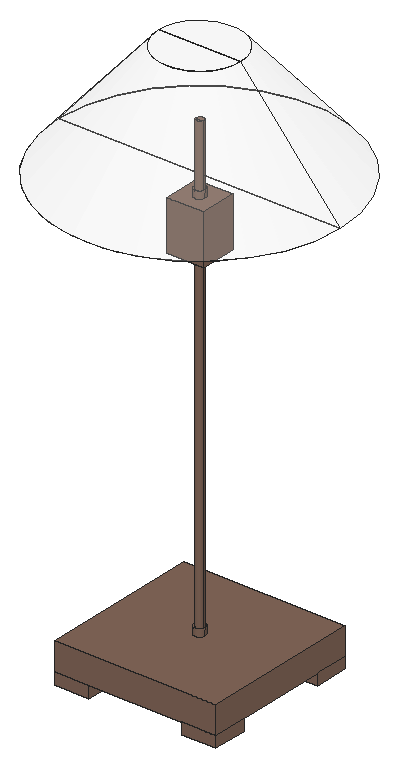
Revit family
Parameters (values of type "W244*D244*H491")
  Wattage = 100 W
  built-in parameter 1150110 = 1 (stored number, unit not read)
  built-in parameter 1114217 = 1 (stored number, unit not read)
  built-in parameter 1150109 = 1 (stored number, unit not read)
  built-in parameter 1150134 = 4
  built-in parameter 1150113 = 1 (stored number, unit not read)
  Manufacturer = ""
  목재 필러 재료 = 사펠리 폭
  Model = ""
  햇 재료 = 회색빛 흰색
  Lumens = 1200 lm
  built-in parameter 1150115 = 1 (stored number, unit not read)
  built-in parameter 1150105 = 95.493 (stored number, unit not read)
  Light Source Symbol Size = 609.6 mm
  built-in parameter 1150137 = (empty or 0)
  built-in parameter 1150139 = (empty or 0)
  built-in parameter 1150112 = 1 (stored number, unit not read)
  built-in parameter 1150114 = 1 (stored number, unit not read)
  built-in parameter 1150132 = (empty or 0)
  built-in parameter 1150102 = (empty or 0)
  built-in parameter 1150138 = (empty or 0)
  built-in parameter 1150107 = 2800 (stored number, unit not read)
  built-in parameter 1150106 = 0.95493 (stored number, unit not read)
  built-in parameter 1150104 = 1.1148 (stored number, unit not read)
  Dimming Lamp Color Temperature Shift = (empty or 0)
  Color Filter = 16777215
  built-in parameter 1114218 = 1 (stored number, unit not read)
  built-in parameter 1150133 = 10 (stored number, unit not read)
Reference planes
  plane 1 "광원 축(F/B)": y = 0
  plane 2: z = 0
  plane 3 "광원 축(L/R)": x = 0
  plane 4 "조명원 높이값": z = 433.443
  plane 5: y = 122.046
  plane 6: x = -122.046
  plane 7: y = -122.046
  plane 8: x = 122.046
Forms (mm)
  Extrusion 1, solid, material "사펠리 폭" <- "목재 필러 재료"
    sketch origin (0, 0, 0) x (1, 0, 0) y (0, 1, 0)
      loop
        line (-70, 70) -> (-70, -70) -> (70, -70) -> (70, 70) -> (-70, 70)
    from 10 to 34
  Extrusion 2, solid, material "사펠리 폭" <- "목재 필러 재료"
    sketch origin (0, 0, 0) x (1, 0, 0) y (0, 1, 0)
      loop
        line (-70, 70) -> (-70, 40) -> (-40, 40) -> (-40, 70) -> (-70, 70)
    from 0 to 10
  Extrusion 3, solid, material "사펠리 폭" <- "목재 필러 재료"
    sketch origin (0, -110, 0) x (1, 0, 0) y (0, 1, 0)
      loop
        line (-70, 70) -> (-70, 40) -> (-40, 40) -> (-40, 70) -> (-70, 70)
    from 0 to 10
  Extrusion 4, solid, material "사펠리 폭" <- "목재 필러 재료"
    sketch origin (110, 0, 0) x (1, 0, 0) y (0, 1, 0)
      loop
        line (-70, 70) -> (-70, 40) -> (-40, 40) -> (-40, 70) -> (-70, 70)
    from 0 to 10
  Extrusion 5, solid, material "사펠리 폭" <- "목재 필러 재료"
    sketch origin (110, -110, 0) x (1, 0, 0) y (0, 1, 0)
      loop
        line (-70, 70) -> (-70, 40) -> (-40, 40) -> (-40, 70) -> (-70, 70)
    from 0 to 10
  Revolve 6, solid, material "사펠리 폭" <- "목재 필러 재료"
    sketch origin (0, 0, -6) x (1, 0, 0) y (0, 0, 1)
      loop
        line (-4.764, 40) -> (0, 40) -> (0, 337.043) -> (-4.764, 337.043) -> (-4.764, 328.831) -> (-3.183, 328.831) -> (-3.183, 45.863) -> (-4.764, 45.863) -> (-4.764, 40)
      axis (0, 337.043) -> (0, 40)
    angle from 0 to 360
  Extrusion 7, solid, material "사펠리 폭" <- "목재 필러 재료"
    sketch origin (0, 0, 0) x (1, 0, 0) y (0, 1, 0)
      loop
        line (-16, 16) -> (-16, -16) -> (16, -16) -> (16, 16) -> (-16, 16)
    from 331.043 to 374.163
  Revolve 8, solid, material "사펠리 폭" <- "목재 필러 재료"
    sketch origin (0, 0, 339.172) x (1, 0, 0) y (0, 0, 1)
      loop
        line (-4.764, 34.991) -> (0, 34.991) -> (0, 94.271) -> (-3.183, 94.271) -> (-3.183, 40.854) -> (-4.764, 40.854) -> (-4.764, 34.991)
      axis (0, 94.271) -> (0, 34.991)
    angle from 0 to 360
  Revolve 9, solid, material "회색빛 흰색" <- "햇 재료"
    sketch origin (0, 0, -69.076) x (1, 0, 0) y (0, 0, 1)
      loop
        line (0, 460) -> (0, 559.578) -> (-35.484, 559.578) -> (-122.046, 460) -> (0, 460)
      axis (0, 460) -> (0, 559.578)
    angle from 0 to 360
Dimensions and locks
  equal spacing: plane 6, plane 3 "광원 축(L/R)", plane 8
  equal spacing: plane 7, plane 1 "광원 축(F/B)", plane 5
  aligned and locked: plane 3 "광원 축(L/R)" to imposter light
  aligned and locked: plane 1 "광원 축(F/B)" to imposter light
  aligned and locked: plane 4 "조명원 높이값" to imposter light  (x2)
Automatic sketch dimensions
  Extrusion 1 sketch curve to plane 6 = 52.046 mm
  plane 8 to Extrusion 1 sketch curve = 52.046 mm
  Extrusion 1 sketch curve to plane 7 = 52.046 mm
  plane 5 to Extrusion 1 sketch curve = 52.046 mm
  Extrusion 2 sketch curve to plane 6 = 52.046 mm
  Extrusion 2 sketch curve to Extrusion 2 sketch curve = 30 mm  (x2)
  Extrusion 2 sketch curve to plane 1 "광원 축(F/B)" = 40 mm
  Extrusion 3 sketch curve to plane 6 = 52.046 mm
  Extrusion 3 sketch curve to Extrusion 3 sketch curve = 30 mm  (x2)
  Extrusion 3 sketch curve to plane 7 = 52.046 mm
  plane 3 "광원 축(L/R)" to Extrusion 4 sketch curve = 40 mm
  Extrusion 4 sketch curve to Extrusion 4 sketch curve = 30 mm  (x2)
  Extrusion 4 sketch curve to plane 1 "광원 축(F/B)" = 40 mm
  plane 3 "광원 축(L/R)" to Extrusion 5 sketch curve = 40 mm
  Extrusion 5 sketch curve to Extrusion 5 sketch curve = 30 mm  (x2)
  Extrusion 5 sketch curve to plane 7 = 52.046 mm
  Revolve 6 sketch curve to plane 3 "광원 축(L/R)" = 0 mm  (x2)
  Revolve 6 sketch curve to plane 3 "광원 축(L/R)" = 3.183 mm
  Revolve 6 sketch curve to Revolve 6 sketch curve = 4.764 mm  (x2)
  level to Revolve 6 sketch curve = 30.243 mm
  Revolve 6 sketch curve to Revolve 6 sketch curve = 3.757 mm
  Revolve 6 sketch curve to Revolve 6 sketch curve = 0 mm
  Revolve 6 sketch curve to Revolve 6 sketch curve = 5.863 mm
  plane 4 "조명원 높이값" to Revolve 6 sketch curve = 110.613 mm
  Revolve 6 sketch curve to Revolve 6 sketch curve = 8.213 mm
  Extrusion 7 sketch curve to plane 3 "광원 축(L/R)" = 16 mm
  plane 3 "광원 축(L/R)" to Extrusion 7 sketch curve = 16 mm
  plane 1 "광원 축(F/B)" to Extrusion 7 sketch curve = 16 mm
  Extrusion 7 sketch curve to plane 1 "광원 축(F/B)" = 16 mm
  Revolve 8 sketch curve to plane 4 "조명원 높이값" = 0 mm
  Revolve 8 sketch curve to plane 3 "광원 축(L/R)" = 0 mm  (x2)
  Revolve 8 sketch curve to Revolve 8 sketch curve = 3.183 mm
  Revolve 8 sketch curve to Revolve 8 sketch curve = 4.764 mm
  plane 4 "조명원 높이값" to Revolve 8 sketch curve = 53.417 mm
  Revolve 8 sketch curve to Revolve 8 sketch curve = 0.854 mm
  Revolve 8 sketch curve to Revolve 8 sketch curve = 3.757 mm
  Revolve 8 sketch curve to Revolve 8 sketch curve = 1.252 mm
  Revolve 9 sketch curve to plane 6 = 0 mm
  Revolve 9 sketch curve to plane 3 "광원 축(L/R)" = 0 mm  (x2)
  Revolve 9 sketch curve to plane 3 "광원 축(L/R)" = 35.484 mm
  plane 4 "조명원 높이값" to Revolve 9 sketch curve = 42.519 mm
  Revolve 9 sketch curve to plane 4 "조명원 높이값" = 57.06 mm
  Revolve 9 sketch curve to Revolve 9 sketch curve = 10 mm
  Revolve 9 sketch curve to Revolve 9 sketch curve = 95 mm
